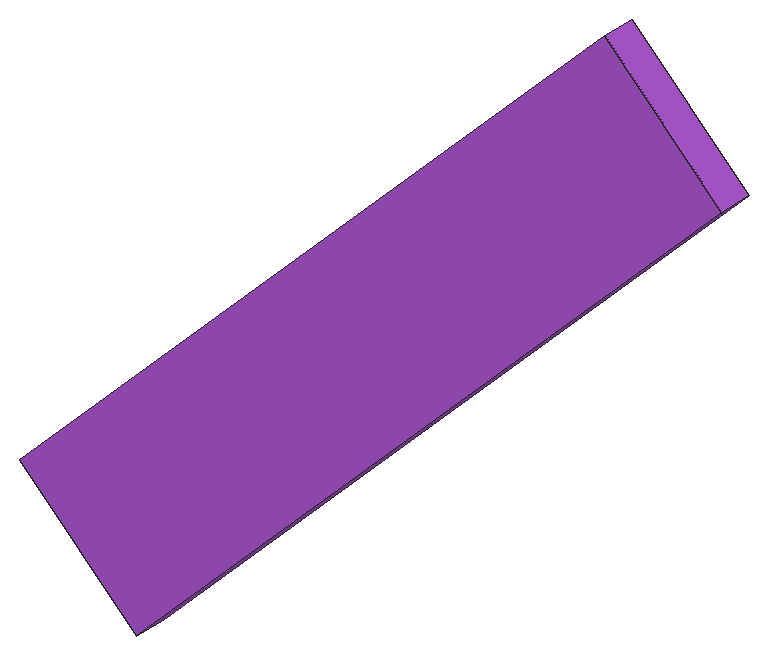
Revit family "ケーブルトレイサポート_角形鋼管(長方形)1", category Generic Models, Revit 2020
Family settings
  Can host rebar = No
  Round Connector Dimension = Use Diameter
  Part Type = Normal
  Work Plane-Based = Yes
  Always vertical = No
  Cut with Voids When Loaded = No
  Shared = No
  Room Calculation Point = No
Parameters (values of type "100 x 20")
  高さ = 100 mm
  長辺 [instance] = 長さ  # 500 mm
  長さ [instance] = 500 mm
  部屋名 = ""
  角度 [instance] = 45.00°
  Default Elevation = 1219.2 mm
  構造マテリアル = E304_ケーブルトレイサポート
  幅 = 20 mm
Types (20, lengths in mm): name | 高さ | 幅
  50 x 20 | 50 | 20
  50 x 30 | 50 | 30
  60 x 30 | 60 | 30
  75 x 20 | 75 | 20
  75 x 45 | 75 | 45
  80 x 40 | 80 | 40
  90 x 40 | 90 | 40
  100 x 20 | 100 | 20
  100 x 40 | 100 | 40
  100 x 50 | 100 | 50
  125 x 40 | 125 | 40
  125 x 75 | 125 | 75
  150 x 100 | 150 | 100
  150 x 75 | 150 | 75
  150 x 80 | 150 | 80
  200 x 100 | 200 | 100
  200 x 150 | 200 | 150
  300 x 200 | 300 | 200
  350 x 150 | 350 | 150
  400 x 200 | 400 | 200
Reference planes
  plane 1 "中心(正面/背面)": y = 0
  plane 2: z = 0
  plane 3 "中心(左/右)": x = 0
Lines and regions (mm)
  reference lines
    curve 1: line (0, 0, 0) -> (848.528, 0, 848.528)
    curve 2: line (35.355, 0, -35.355) -> (-35.355, 0, 35.355)
    curve 3: line (388.909, 0, 318.198) -> (318.198, 0, 388.909)
Dimensions and locks
  equal spacing: curve 2, curve 1, curve 2
  "高さ": curve 2 to curve 2
  equal spacing: curve 3, curve 1, curve 3
  "高さ": curve 3 to curve 3
  "長さ": curve 2 to curve 3
  "角度": angle level to curve 1
  angle curve 2 to curve 1 = 90.00°
  angle curve 3 to curve 1 = 90.00°
  aligned and locked: level to plane 2
  aligned and locked: level to curve 1
  aligned and locked: plane 3 "中心(左/右)" to curve 1
  aligned and locked: nested 1 to curve 1
Nested families
  nested 1: "グレーチング_角形鋼管(長方形)" at (-35.355, 0, 35.355) x (0, 1, 0) z (0.7071, 0, -0.7071), 長さ <- "長さ", type "50 x 20"
    with 長辺 500 mm, 長さ 500 mm, 高さ 100 mm
Definition of nested family "グレーチング_角形鋼管(長方形)"
  Parameters (values of type "50 x 20")
    高さ = 50 mm
    長辺 [instance] = 長さ  # 1000 mm
    長さ [instance] = 1000 mm
    部屋名 = ""
    Default Elevation = 1219.2 mm
    構造マテリアル = none
    幅 = 20 mm
  Reference planes
    plane 1 "中心(正面/背面)": y = 0
    plane 2: z = 0
    plane 3 "中心(左/右)": x = 0
    plane 4: z = 25
    plane 5: z = 50
  Forms (mm)
    Extrusion 1, solid, material <- "構造マテリアル"
      sketch origin (0, 0, 0) x (1, 0, 0) y (0, 1, 0)
        loop
          line (-10, 1000) -> (-10, 0) -> (10, 0) -> (10, 1000) -> (-10, 1000)
      from 0 to 50
  Lines and regions (mm)
    reference lines
      curve 1: line (10, 1000, 0) -> (-10, 1000, 0)
      curve 2: line (10, 0, 0) -> (-10, 0, 0)
  Dimensions and locks
    "長さ": curve 1 to curve 2
    "幅": Extrusion 1 to Extrusion 1
    equal spacing: Extrusion 1, plane 3 "中心(左/右)", Extrusion 1
    "幅": curve 1 to curve 1
    equal spacing: curve 1, plane 3 "中心(左/右)", curve 1
    "幅": curve 2 to curve 2
    equal spacing: curve 2, plane 3 "中心(左/右)", curve 2
    equal spacing: plane 5, plane 4, level
    "高さ": plane 5 to level
    aligned and locked: level to plane 2
    aligned and locked: Extrusion 1 to curve 2
    aligned and locked: curve 1 to Extrusion 1
    aligned and locked: plane 5 to Extrusion 1
  Automatic sketch dimensions
    Extrusion 1 sketch curve to plane 3 "中心(左/右)" = 10 mm
    plane 3 "中心(左/右)" to Extrusion 1 sketch curve = 10 mm
    plane 1 "中心(正面/背面)" to Extrusion 1 sketch curve = 0 mm
    Extrusion 1 sketch curve to plane 1 "中心(正面/背面)" = 1000 mm
    plane 1 "中心(正面/背面)" to curve 2 = 0 mm
